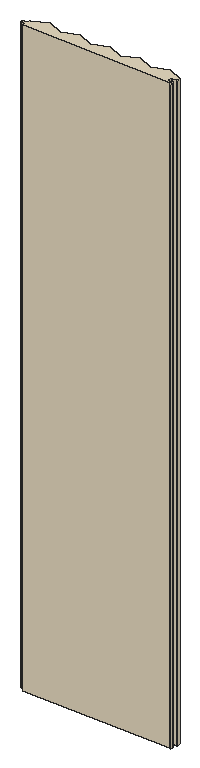
Revit family "HOB_GEN_Symphony_Tempo_8", category Generic Models, Revit 2026
Family settings
  Can host rebar = No
  Round Connector Dimension = Use Diameter
  Part Type = Normal
  Work Plane-Based = No
  Always vertical = Yes
  Cut with Voids When Loaded = No
  Maintain Annotation Orientation = No
  Shared = Yes
  Room Calculation Point = No
Parameters
  SectionArea = 0.002 m²  # constant formula
  Length [instance] = 557.974 mm
  Default Elevation = 0 mm
  BambooVolume [instance] = Length * SectionArea  # 0.00111595 m³
  Bamboo = Bamboo_horizontalGrain
Reference planes
  plane 1 "Center (Front/Back)": y = 0
  plane 2: z = 0
  plane 3 "Center (Left/Right)": x = 0
  plane 4: x = 143.165
  plane 5: y = 15
  plane 6: z = 557.974
Forms (mm)
  Extrusion 1, solid, material "Bamboo_horizontalGrain" <- "Bamboo"
    sketch origin (7, 0.5, 0) x (1, 0, 0) y (0, 1, 0)
      loop
        line (123, 14.545) -> (109, 8.455) -> (95, 14.545) -> (81, 8.455) -> (67, 14.545) -> (53, 8.455) -> (39, 14.545) -> (25, 8.455) -> (11, 14.545) -> (-3, 8.455) -> (-3, 5.5) -> (-6, 5.5)
        arc (-6, 5.5) -> (-6.707, 5.207) -> (-7, 4.5) r 1
        line (-7, 4.5) -> (-7, 3.5)
        arc (-7, 3.5) -> (-6.707, 2.793) -> (-6, 2.5) r 1
        line (-6, 2.5) -> (-3, 2.5) -> (-3, 0)
        arc (-3, 0) -> (-2.854, -0.354) -> (-2.5, -0.5) r 0.5
        line (-2.5, -0.5) -> (135.5, -0.5)
        arc (135.5, -0.5) -> (135.854, -0.354) -> (136, 0) r 0.5
        line (136, 0) -> (136, 1.5)
        arc (136, 1.5) -> (135.854, 1.854) -> (135.5, 2) r 0.5
        line (135.5, 2) -> (132.5, 2)
        arc (132.5, 2) -> (132.146, 2.146) -> (132, 2.5) r 0.5
        line (132, 2.5) -> (132, 5)
        arc (132, 5) -> (132.146, 5.354) -> (132.5, 5.5) r 0.5
        line (132.5, 5.5) -> (136.5, 5.5)
        arc (136.5, 5.5) -> (136.854, 5.646) -> (137, 6) r 0.5
        line (137, 6) -> (137, 8.455) -> (123, 14.545)
    from 0 to 557.974
Dimensions and locks
  plane 1 "Center (Front/Back)" to plane 5 = 15 mm
  plane 3 "Center (Left/Right)" to plane 4 = 143.165 mm
  "Length": plane 6 to plane 2
  aligned and locked: level to plane 2
  aligned and locked: plane 6 to Extrusion 1
Automatic sketch dimensions
  Extrusion 1 sketch curve to plane 5 = 11 mm
  Extrusion 1 sketch curve to plane 4 = 143.165 mm
  Extrusion 1 sketch curve to Extrusion 1 sketch curve = 1 mm  (x4)
  Extrusion 1 sketch curve to Extrusion 1 sketch curve = 3 mm  (x2)
  Extrusion 1 sketch curve to Extrusion 1 sketch curve = 0 mm  (x2)
  Extrusion 1 sketch curve to plane 5 = 15 mm
  Extrusion 1 sketch curve to Extrusion 1 sketch curve = 0.5 mm  (x4)
  Extrusion 1 sketch curve to plane 5 = 12 mm
  Extrusion 1 sketch curve to Extrusion 1 sketch curve = 134.5 mm
  Extrusion 1 sketch curve to plane 5 = 14.5 mm
  Extrusion 1 sketch curve to plane 5 = 6.045 mm  (x5)
  Extrusion 1 sketch curve to Extrusion 1 sketch curve = 2.5 mm
  Extrusion 1 sketch curve to Extrusion 1 sketch curve = 2.955 mm
  plane 5 to Extrusion 1 sketch curve = 0.045 mm  (x5)
  Extrusion 1 sketch curve to Extrusion 1 sketch curve = 14 mm  (x8)
  Extrusion 1 sketch curve to Extrusion 1 sketch curve = 9.5 mm
